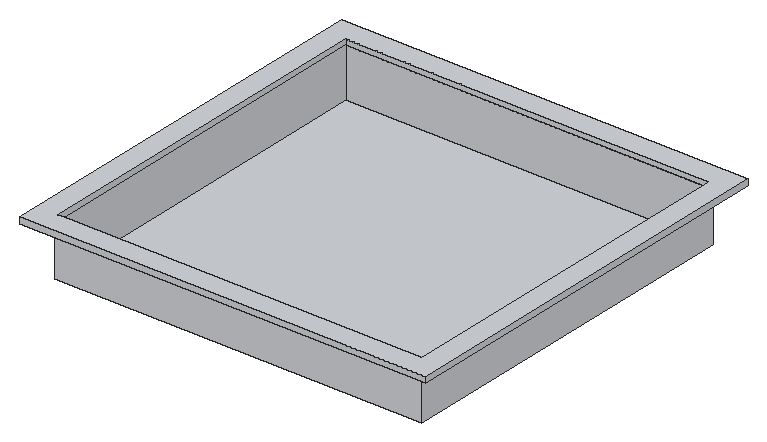
Revit family "Hager-FW-IP30-Without_Door-With_notch-vide-CH-fr", category Electrical Equipment, host Face, Revit 2020
Family settings
  Host = Face
  Panel Configuration = Two Columns, Circuits Across
  Round Connector Dimension = Use Diameter
  Part Type = Panelboard
  Cut with Voids When Loaded = No
  Shared = No
  Room Calculation Point = No
Parameters (values of type "Encastré IP30 L853 H853 P125 0 Modules - FWU53L")
  Width Control [instance] = if([HG000006 - Encastré], if([EF000846 - largeur d'encastrement] > min_whd, [EF000846 - largeur d'encastrement], min_whd), if([EF000008 - largeur] > min_whd, ([EF000008 - largeur]), min_whd))  # 810 mm
  Void Depth [instance] = if([HG000006 - Encastré], Depth Control, 1 mm)  # 112 mm
  Type Comments = [HG000003 - Gamme]  # "FW"
  System Height [instance] = Height Control - 2 * [HG000005 - Epaisseur]  # 796 mm
  Model = [HG000004 - Référence fabricant]  # "FWU53L"
  HG000017 - Distance entre pôles = 18 mm
  HG000016 - Visibilité de la porte 3D [instance] = yes
  HG000015 - Visibilité de l'emprise de la porte [instance] = no
  HG000014 - Porte à droite [instance] = yes
  HG000013 - Porte à gauche [instance] = not([HG000014 - Porte à droite])  # no
  HG000012 - Angle de pivotement de la porte [instance] = 45.00°
  HG000011 - Rangées du bas vides = no
  HG000010 - Portes asymétriques = no
  HG000009 - Porte à double battant = no
  HG000008 - Nombre de rangées vides = 0
  HG000007 - Nombre de colonnes vides = 0
  HG000006 - Encastré = yes
  HG000005 - Epaisseur = 3 mm  # constant formula
  HG000004 - Référence fabricant = "FWU53L"
  HG000003 - Gamme = "FW"
  HG000002 - avec porte = no
  HG000001 - nombre de colonnes = 0
  EF015941 - porte pour transmission du signal = no
  EF015777 - borne à conducteur neutre = no
  EF015776 - borne de mise à la terre = no
  EF009212 - finition du couvercle = "EV009916 - avec échancrure"
  EF006306 - avec serrure = no
  EF006244 - couvercle/porte transparent(e) = yes
  EF005474 - indice de protection (IP) = "EV006410 - IP30"
  EF004462 - type de fermeture = "EV000154 - autre"
  EF002950 - largeur en nombre de modules = 0
  EF001596 - matériau du boîtier/corps = "EV000179 - acier"
  EF001134 - rail DIN = yes
  EF001131 - profondeur intérieure = 112 mm
  EF001088 - possibilité de montage en saillie = yes
  EF001062 - finition CEM = no
  EF000846 - largeur d'encastrement = 810 mm
  EF000339 - type de capot = "EV000494 - sans"
  EF000332 - hauteur d'encastrement = 802 mm
  EF000266 - nombre de rangées = 0
  EF000218 - profondeur d'encastrement = 112 mm
  EF000118 - avec cadre/support de montage = no
  EF000116 - numéro RAL = ""
  EF000049 - profondeur = 125 mm
  EF000040 - hauteur = 853 mm
  EF000008 - largeur = 853 mm
  EF000007 - couleur = "EV000202 - blanc"
  EF000003 - mode de pose = "EV000128 - mur creux"
  Arrow Offset [instance] = Depth Control / 8  # 14 mm
  Arrow Height [instance] = Depth Control - Arrow Offset  # 98 mm
  Host Offset [instance] = if([HG000006 - Encastré], 0 mm, [EF000049 - profondeur])  # 0 mm
  min_whd [instance] = (2 * [HG000005 - Epaisseur]) + 1 mm  # 7 mm
  Manufacturer = "Hager"  # constant formula
  Height Control [instance] = if([HG000006 - Encastré], if([EF000332 - hauteur d'encastrement] > min_whd, [EF000332 - hauteur d'encastrement], min_whd), if([EF000040 - hauteur] > min_whd, ([EF000040 - hauteur]), min_whd))  # 802 mm
  Flush Mounted - Door Frame Width [instance] = if(([EF000040 - hauteur] - [EF000332 - hauteur d'encastrement]) > 0 mm, if([HG000006 - Encastré], [EF000040 - hauteur] - [EF000332 - hauteur d'encastrement], 0 mm), 0 mm)  # 51 mm
  Depth Control [instance] = if([HG000006 - Encastré], if([EF000218 - profondeur d'encastrement] > 0 mm, [EF000218 - profondeur d'encastrement], 1 mm), if([EF000049 - profondeur] > 0 mm, ([EF000049 - profondeur]), 1 mm))  # 112 mm
  Default Elevation = 0 mm
Types (16, lengths in mm): name | Width Control | System Height | Model | HG000004 - Référence fabricant | EF000846 - largeur d'encastrement | EF000332 - hauteur d'encastrement | EF000040 - hauteur | EF000008 - largeur | Height Control
  Encastré IP30 L353 H1003 P125 0 Modules - FWU61L | 310 | 946 | "FWU61L" | "FWU61L" | 310 | 952 | 1003 | 353 | 952
  Encastré IP30 L353 H1153 P125 0 Modules - FWU71L | 310 | 1096 | "FWU71L" | "FWU71L" | 310 | 1102 | 1153 | 353 | 1102
  Encastré IP30 L353 H1303 P125 0 Modules - FWU81L | 310 | 1246 | "FWU81L" | "FWU81L" | 310 | 1252 | 1303 | 353 | 1252
  Encastré IP30 L353 H553 P125 0 Modules - FWU31L | 310 | 496 | "FWU31L" | "FWU31L" | 310 | 502 | 553 | 353 | 502
  Encastré IP30 L353 H703 P125 0 Modules - FWU41L | 310 | 646 | "FWU41L" | "FWU41L" | 310 | 652 | 703 | 353 | 652
  Encastré IP30 L353 H853 P125 0 Modules - FWU51L | 310 | 796 | "FWU51L" | "FWU51L" | 310 | 802 | 853 | 353 | 802
  Encastré IP30 L603 H1003 P125 0 Modules - FWU62L | 560 | 946 | "FWU62L" | "FWU62L" | 560 | 952 | 1003 | 603 | 952
  Encastré IP30 L603 H1153 P125 0 Modules - FWU72L | 560 | 1096 | "FWU72L" | "FWU72L" | 560 | 1102 | 1153 | 603 | 1102
  Encastré IP30 L603 H553 P125 0 Modules - FWU32L | 560 | 496 | "FWU32L" | "FWU32L" | 560 | 502 | 553 | 603 | 502
  Encastré IP30 L603 H703 P125 0 Modules - FWU42L | 560 | 646 | "FWU42L" | "FWU42L" | 560 | 652 | 703 | 603 | 652
  Encastré IP30 L603 H853 P125 0 Modules - FWU52L | 560 | 796 | "FWU52L" | "FWU52L" | 560 | 802 | 853 | 603 | 802
  Encastré IP30 L853 H1003 P125 0 Modules - FWU63L | 810 | 946 | "FWU63L" | "FWU63L" | 810 | 952 | 1003 | 853 | 952
  Encastré IP30 L853 H1153 P125 0 Modules - FWU73L | 810 | 1096 | "FWU73L" | "FWU73L" | 810 | 1102 | 1153 | 853 | 1102
  Encastré IP30 L853 H553 P125 0 Modules - FWU33L | 810 | 496 | "FWU33L" | "FWU33L" | 810 | 502 | 553 | 853 | 502
  Encastré IP30 L853 H703 P125 0 Modules - FWU43L | 810 | 646 | "FWU43L" | "FWU43L" | 810 | 652 | 703 | 853 | 652
  Encastré IP30 L853 H853 P125 0 Modules - FWU53L | 810 | 796 | "FWU53L" | "FWU53L" | 810 | 802 | 853 | 853 | 802
Reference planes
  plane 1 "Center (Front/Back)": y = 0
  plane 2: z = 0
  plane 3 "Center (Left/Right)": x = 0
  plane 4: z = 0
  plane 5: y = 54
  plane 6: z = -5
  plane 7: y = 452
  plane 8: y = 51
  plane 9: y = 853
  plane 10: z = -112
  plane 11: x = -405
  plane 12: x = 405
  plane 13: x = 402
  plane 14: x = -402
  plane 15: y = 850
  plane 16: z = -109
  plane 17: z = -3
  plane 18: z = -112
  plane 19: z = -3
Forms (mm)
  Extrusion 1, solid
    sketch origin (-583.045, 51, 1219.2) x (-1, 0, 0) y (0, 0, 1)
      loop
        line (-178.045, -1219.2) -> (-988.045, -1219.2) -> (-988.045, -1331.2) -> (-178.045, -1331.2) -> (-178.045, -1219.2)
    from 0 to 802 <- "Height Control"
  Extrusion 2, void
    sketch origin (-381.607, -4572, 0) x (0, -1, 0) y (-1, 0, 0)
      loop
        line (-5422, 20.393) -> (-5422, -783.607) -> (-4626, -783.607) -> (-4626, 20.393) -> (-5422, 20.393)
    from 0 to 109
  Extrusion 3, void
    sketch origin (0, 0, 0) x (1, 0, 0) y (0, 1, 0)
      loop
        line (-405, 51) -> (405, 51) -> (405, 853) -> (-405, 853) -> (-405, 51)
    from -112 to 1
  Extrusion 4, solid, detail levels coarse+medium
    sketch origin (-381.607, -4572, 0) x (-1, 0, 0) y (0, -1, 0)
      loop
        line (20.393, -5422) -> (20.393, -4626) -> (-783.607, -4626) -> (-783.607, -5422) -> (20.393, -5422)
    from 0 to -3
Cuts and joins
  Extrusion 2 cuts Extrusion 1
Dimensions and locks
  plane 4 to plane 6 = 5 mm
  "Host Offset": plane 4 to host face
  "Flush Mounted - Door Frame Width": plane 1 "Center (Front/Back)" to plane 8
  "HG000005 - Epaisseur": plane 5 to plane 8
  locked: connector elem to plane 3 "Center (Left/Right)"
  "Height Control": plane 9 to plane 8
  equal spacing: plane 9, plane 7, plane 8
  locked: connector elem to plane 7
  "Depth Control": plane 4 to plane 10
  "HG000005 - Epaisseur": plane 11 to plane 14
  "HG000005 - Epaisseur": plane 12 to plane 13
  equal spacing: plane 11, plane 3 "Center (Left/Right)", plane 12
  "Width Control": plane 11 to plane 12
  "Arrow Offset": nested 4 to plane 10
  "HG000005 - Epaisseur": plane 9 to plane 15
  "HG000005 - Epaisseur": plane 16 to plane 10
  "HG000005 - Epaisseur": plane 4 to plane 17
  "Void Depth": plane 2 to plane 18
  "HG000005 - Epaisseur": plane 4 to plane 19
  aligned and locked: plane 2 to host face
  aligned and locked: level to host face
  aligned and locked: plane 3 "Center (Left/Right)" to nested 2
  aligned and locked: nested 2 to plane 4
  aligned and locked: nested 2 to plane 8
  aligned and locked: nested 1 to plane 6
  aligned and locked: nested 1 to plane 5
  aligned and locked: nested 4 to plane 11
  aligned and locked: nested 3 to plane 4
  aligned and locked: Extrusion 1 sketch curve to plane 12
  aligned and locked: Extrusion 1 sketch curve to plane 11
  aligned and locked: nested 3 to plane 10
  aligned and locked: plane 10 to Extrusion 1 sketch curve
  aligned and locked: Extrusion 2 sketch curve to plane 5
  aligned and locked: Extrusion 2 sketch curve to plane 15
  aligned and locked: Extrusion 2 sketch curve to plane 14
  aligned and locked: Extrusion 2 sketch curve to plane 13
  aligned and locked: plane 11 to Extrusion 3 sketch curve
  aligned and locked: plane 9 to Extrusion 3 sketch curve
  aligned and locked: Extrusion 3 sketch curve to plane 8
  aligned and locked: plane 12 to Extrusion 3 sketch curve
  aligned and locked: nested 3 to plane 12
  aligned and locked: Extrusion 3 to plane 18
  aligned and locked: Extrusion 2 to plane 16
  aligned and locked: Extrusion 1 sketch curve to plane 4
  aligned and locked: Extrusion 4 to plane 17
  aligned and locked: Extrusion 4 sketch curve to plane 15
  aligned and locked: Extrusion 4 sketch curve to plane 13
  aligned and locked: Extrusion 4 sketch curve to plane 14
  aligned and locked: Extrusion 4 sketch curve to plane 5
Automatic sketch dimensions
  host sketch curve to host sketch curve = 1469.727 mm
  host sketch curve to host sketch curve = 1434.803 mm
Nested families
  nested 1: "Hager_Enclosure_System" at (0, 54, -5) x (1, 0, 0) z (0, 1, 0), Depth <- "HG000005 - Epaisseur", Height <- "System Height", Width <- "EF000008 - largeur", Border <- "HG000005 - Epaisseur", Flush_Mounted <- "HG000006 - Encastré", Built-in_Width <- "EF000846 - largeur d'encastrement", Row_Module_Multiplicator <- "EF002950 - largeur en nombre de modules", Total_No_Empty_Rows <- "HG000008 - Nombre de rangées vides", Total_No_Rows <- "EF000266 - nombre de rangées", Empty_Columns <- "HG000007 - Nombre de colonnes vides", Width_Control <- "Width Control", Empty_Rows_From_Bottom <- "HG000011 - Rangées du bas vides", Distance_Between_Poles <- "HG000017 - Distance entre pôles", Rows_Count <- "EF000266 - nombre de rangées", Columns_Count <- "HG000001 - nombre de colonnes", type "Hager_Enclosure_System", detail levels fine
    with Width_Control 810 mm, Width 853 mm, Total_No_Rows 0, Total_No_Empty_Rows 0, Total_No_Columns 1, System_Width 804 mm, Rows_Count 0, Rows_Column 0, Row_Module_Multiplicator 0, Panel_4 no, Panel_3 no, Panel_2 no, Panel_1 no, No_Panels_Ctrl 1, Hide_Columns yes, Height 796 mm, Flush_Mounted yes, Empty_Rows_From_Bottom no, Empty_Rows_Column 0, Empty_Columns 0, Distance_Between_Poles 18 mm, Depth 3 mm, Columns_Count 0, Column_Width 804 mm, Built-in_Width 810 mm, Border 3 mm
  nested 2: "Hager_Enclosure_Door" at (0, 51, 0) x (1, 0, 0) z (0, 1, 0), Border <- "HG000005 - Epaisseur", Door_Right <- "HG000014 - Porte à droite", Flush_Mounted <- "HG000006 - Encastré", Depth <- "EF000049 - profondeur", Width <- "EF000008 - largeur", Door_Left <- "HG000013 - Porte à gauche", 3d_Door <- "HG000016 - Visibilité de la porte 3D", BuiltIn_Width <- "EF000846 - largeur d'encastrement", BuiltIn_Height <- "EF000332 - hauteur d'encastrement", BuiltIn_Depth <- "EF000218 - profondeur d'encastrement", Angle <- "HG000012 - Angle de pivotement de la porte", Assymetrical <- "HG000010 - Portes asymétriques", Double <- "HG000009 - Porte à double battant", Clearance <- "HG000015 - Visibilité de l'emprise de la porte", Transparent <- "EF006244 - couvercle/porte transparent(e)", Door <- "HG000002 - avec porte", Height_Ctrl <- "Height Control", Width_Ctrl <- "Width Control", Height <- "EF000040 - hauteur", type "Hager_Enclosure_Door", detail levels medium+fine
    with min_wh 7 mm, Width_Ctrl 810 mm, Width 853 mm, Transparent_Door_No_Bottom_Border no, Transparent yes, Leaf_Width 801 mm, Leaf_Tolerance 1.5 mm, Leaf_Height 793 mm, Leaf_2_Width 801 mm, Leaf_2_Offset 400.5 mm, Leaf_1_Width 801 mm, Leaf_1_Offset 400.5 mm, Height_Ctrl 802 mm, Height 853 mm, Frame_Width_Ctrl 43 mm, Frame_Width 43 mm, Frame_Internal_Offset 3 mm, Frame_Height_Ctrl 51 mm, Frame_Height 51 mm, Frame_Depth_Ctrl 13 mm, Frame_Depth 13 mm, Flush_Mounted yes, Double_Clearance_Ctrl no, Double no, Door_Right_Ctrl no, Door_Right yes, Door_Left_Ctrl no, Door_Left no, Door no, Depth 125 mm, Clearance_Depth 801 mm, Clearance_Ctrl no, Clearance no, BuiltIn_Width 810 mm, BuiltIn_Height 802 mm, BuiltIn_Depth 112 mm, Border 3 mm, Assymetrical no, Angle 45.00°, 3d_Door yes
  nested 3: "Hager_Enclosure_Symbol_Triangle" at (-405, 0, -112) x (1, 0, 0) z (0, -1, 0), Depth <- "Depth Control", Width <- "Width Control", type "Hager_Enclosure_Symbol_Triangle"
    with Width_Ctrl 810 mm, Width 810 mm, Depth_Ctrl 112 mm, Depth 112 mm
  nested 4: "Hager_Enclosure_Symbol_Arrow" at (-405, 0, -98) x (1, 0, 0) z (0, -1, 0), Height <- "Arrow Height", type "Hager_Enclosure_Symbol_Arrow"
    with Width_Inside 7.35 mm, Width 88.2 mm, Height_Ctrl 98 mm, Height 98 mm
Connectors
  electrical at (0, 452, -112)
    settings: on plane 10, index 1, voltage 0 V, apparent load 0 VA, apparent load phase1 0 VA, apparent load phase2 0 VA, apparent load phase3 0 VA, power factor 1, load classification "Other", number of poles 1, system type 30, power factor state 1, is connector primary yes, connector utility no, sub classification motor no, connector description ""
Definition of nested family "Hager_Enclosure_Door"
  Parameters (values of type "Hager_Enclosure_Door")
    min_wh [instance] = (2 * Border) + 1 mm  # 11 mm
    Width_Ctrl [instance] = 400 mm
    Width [instance] = 500 mm
    Transparent_Door_No_Bottom_Border [instance] = no
    Transparent [instance] = yes
    Leaf_Width [instance] = if((Width_Ctrl - 2 * Border - 2 * Leaf_Tolerance) > 0 mm, (Width_Ctrl - 2 * Border - 2 * Leaf_Tolerance), min_wh)  # 387 mm
    Leaf_Tolerance [instance] = 1.5 mm  # constant formula
    Leaf_Height [instance] = if((Height_Ctrl - 2 * Border - 2 * Leaf_Tolerance) > 0 mm, (Height_Ctrl - 2 * Border - 2 * Leaf_Tolerance), min_wh)  # 387 mm
    Leaf_2_Width [instance] = if(and(and(Double, Assymetrical), Door_Left), (Leaf_Width / 3) - (Leaf_Tolerance / 2), if(and(and(Double, Assymetrical), Door_Right), (Leaf_Width / 3) * 2 - (Leaf_Tolerance / 2), if(and(Double, not(Assymetrical)), (Leaf_Width / 2) - Leaf_Tolerance, Leaf_Width)))  # 387 mm
    Leaf_2_Offset [instance] = if(and(Double, Assymetrical), Leaf_2_Width / 2, if(and(Double, not(Assymetrical)), Leaf_Width / 4, Leaf_Width / 2))  # 193.5 mm
    Leaf_1_Width [instance] = if(and(and(Double, Assymetrical), Door_Right), (Leaf_Width / 3) - (Leaf_Tolerance / 2), if(and(and(Double, Assymetrical), Door_Left), (Width / 3) * 2 - (Leaf_Tolerance / 2), if(and(Double, not(Assymetrical)), (Leaf_Width / 2) - Leaf_Tolerance, Leaf_Width)))  # 387 mm
    Leaf_1_Offset [instance] = if(and(Double, Assymetrical), Leaf_1_Width / 2, if(and(Double, not(Assymetrical)), Leaf_Width / 4, Leaf_Width / 2))  # 193.5 mm
    Height_Ctrl [instance] = 400 mm
    Height [instance] = 500 mm
    Frame_Width_Ctrl [instance] = if(Frame_Width > 0 mm, Frame_Width, 1 mm)  # 1 mm
    Frame_Width [instance] = Width - BuiltIn_Width  # 0 mm
    Frame_Internal_Offset [instance] = if(Flush_Mounted, Border, 0 mm)  # 5 mm
    Frame_Height_Ctrl [instance] = if(Frame_Height > 0 mm, Frame_Height, 1 mm)  # 1 mm
    Frame_Height [instance] = Height - BuiltIn_Height  # 0 mm
    Frame_Depth_Ctrl [instance] = if(Frame_Depth > 0 mm, Frame_Depth, 1 mm)  # 1 mm
    Frame_Depth [instance] = if(Depth - BuiltIn_Depth > 0 mm, if(Flush_Mounted, Depth - BuiltIn_Depth, 0 mm), 0 mm)  # 0 mm
    Flush_Mounted [instance] = yes
    Double_Clearance_Ctrl [instance] = and(Double, Clearance)  # no
    Double [instance] = no
    Door_Right_Ctrl [instance] = and(or(Door_Right, Double), Door)  # yes
    Door_Right [instance] = yes
    Door_Left_Ctrl [instance] = and(or(Door_Left, Double), Door)  # no
    Door_Left [instance] = no
    Door [instance] = yes
    Depth [instance] = 500 mm
    Default Elevation = 1219.2 mm
    Clearance_Material = none
    Clearance_Depth [instance] = if(Leaf_1_Width > Leaf_2_Width, Leaf_1_Width, Leaf_2_Width)  # 387 mm
    Clearance_Ctrl [instance] = and(not(Double), Clearance)  # yes
    Clearance [instance] = yes
    BuiltIn_Width [instance] = 500 mm
    BuiltIn_Height [instance] = 500 mm
    BuiltIn_Depth [instance] = 500 mm
    Border [instance] = 5 mm
    Assymetrical [instance] = yes
    Angle [instance] = 30.00°
    3d_Door [instance] = yes
  Reference planes
    plane 1 "Center (Front/Back)": y = 0
    plane 2 "Bottom": z = 0
    plane 3 "Center (Left/Right)": x = 0
    plane 4: z = 400
    plane 5: x = -200
    plane 6: x = 200
    plane 7: z = 395
    plane 8: x = -195
    plane 9: z = 5
    plane 10: x = 195
    plane 11: y = 0
    plane 12: z = 6.5
    plane 13: x = -582
    plane 14: y = -387
    plane 15: x = 582
    plane 16: x = 0
    plane 17: x = 0
    plane 18: x = -193.5
    plane 19: x = 193.5
    plane 20: z = 393.5
  Forms (mm)
    Extrusion 1, solid, visible <- "Flush_Mounted"
      sketch origin (0, 0, 0) x (1, 0, 0) y (0, 0, 1)
        loop
          line (195, 5) -> (195, 395) -> (-195, 395) -> (-195, 5) -> (195, 5)
        loop
          line (-201, 401) -> (-201, -1) -> (201, -1) -> (201, 401) -> (-201, 401)
      from 0 to 1 <- "Frame_Depth_Ctrl"
    Extrusion 2, solid, material <- "Clearance_Material", visible <- "Double_Clearance_Ctrl"
      sketch origin (1200, 0, 0) x (1, 0, 0) y (0, 0, -1)
        loop
          line (-1782, -393.5) -> (-618, -393.5) -> (-618, 0) -> (-1782, 0) -> (-1782, -393.5)
      from 0 to -387
  Dimensions and locks
    equal spacing: plane 5, plane 3 "Center (Left/Right)", plane 6
    "Width_Ctrl": plane 5 to plane 6
    "Border": plane 5 to plane 8
    "Border": plane 6 to plane 10
    "Border": plane 9 to level
    "Border": plane 4 to plane 7
    "Height_Ctrl": plane 4 to level
    "Leaf_Tolerance": plane 12 to plane 9
    "Frame_Depth": plane 11 to plane 1 "Center (Front/Back)"
    "Frame_Width_Ctrl": plane 5 to Extrusion 1 sketch curve
    "Frame_Width_Ctrl": plane 6 to Extrusion 1 sketch curve
    "Frame_Width_Ctrl": Extrusion 1 sketch curve to plane 4
    "Frame_Width_Ctrl": plane 2 "Bottom" to Extrusion 1 sketch curve
    "Leaf_1_Offset": plane 18 to plane 16
    "Leaf_2_Offset": plane 17 to plane 19
    "Leaf_1_Width": plane 13 to plane 8
    "Leaf_2_Width": plane 10 to plane 15
    "Clearance_Depth": plane 14 to plane 1 "Center (Front/Back)"
    "Leaf_Tolerance": plane 8 to plane 18
    "Leaf_Tolerance": plane 19 to plane 10
    "Leaf_Tolerance": plane 7 to plane 20
    "Frame_Internal_Offset": plane 5 to Extrusion 1 sketch curve
    "Frame_Internal_Offset": Extrusion 1 sketch curve to plane 2 "Bottom"
    "Frame_Internal_Offset": plane 6 to Extrusion 1 sketch curve
    "Frame_Internal_Offset": plane 4 to Extrusion 1 sketch curve
    aligned and locked: level to plane 2 "Bottom"
    aligned and locked: nested 1 to plane 16
    aligned and locked: nested 2 to plane 17
    aligned and locked: Extrusion 2 to plane 13
    aligned and locked: plane 15 to Extrusion 2
    aligned and locked: Extrusion 2 to plane 14
    aligned and locked: plane 12 to nested 1
    aligned and locked: nested 2 to plane 12
    aligned and locked: Extrusion 2 to plane 11
    aligned and locked: plane 20 to Extrusion 2
    aligned and locked: nested 2 to plane 11
    aligned and locked: nested 1 to plane 11
  Automatic sketch dimensions
    Extrusion 2 sketch curve to level = 0 mm
    plane 5 to Extrusion 2 sketch curve = 382 mm
    plane 6 to Extrusion 2 sketch curve = 382 mm
    Extrusion 2 sketch curve to plane 4 = 6.5 mm
  Nested families
    nested 1: "Hager_Enclosure_Door_Leaf" at (0, 0, 6.5), Width <- "Leaf_1_Width", visible <- "Door_Left_Ctrl", Leaf_Height <- "Leaf_Height", Angle <- "Angle", Depth <- "Border", 3d_Door <- "3d_Door", Transparent <- "Transparent", Clearance Material <- "Clearance_Material", Clearance <- "Clearance_Ctrl", Transparent_Door_No_Bottom_Border <- "Transparent_Door_No_Bottom_Border", type "Hager_Enclosure_Door_Leaf"
      with Width 387 mm, Transparent_Door_No_Bottom_Border no, Transparent_Door_Border_Bottom_Top 25 mm, Transparent_Door_Border 25 mm, Transparent_Ctrl yes, Transparent yes, Standard no, Leaf_Height 387 mm, Glass_Offset 1 mm, Depth 5 mm, Clearance Material none, Clearance yes, Angle_Ctrl 30.00°, Angle 30.00°, 3d_Door yes
    nested 2: "Hager_Enclosure_Door_Leaf" at (0, 0, 6.5) x (-1, 0, 0) z (0, 0, 1), Width <- "Leaf_2_Width", visible <- "Door_Right_Ctrl", Leaf_Height <- "Leaf_Height", Angle <- "Angle", Depth <- "Border", 3d_Door <- "3d_Door", Transparent <- "Transparent", Clearance Material <- "Clearance_Material", Clearance <- "Clearance_Ctrl", Transparent_Door_No_Bottom_Border <- "Transparent_Door_No_Bottom_Border", type "Hager_Enclosure_Door_Leaf"
      with Width 387 mm, Transparent_Door_No_Bottom_Border no, Transparent_Door_Border_Bottom_Top 25 mm, Transparent_Door_Border 25 mm, Transparent_Ctrl yes, Transparent yes, Standard no, Leaf_Height 387 mm, Glass_Offset 1 mm, Depth 5 mm, Clearance Material none, Clearance yes, Angle_Ctrl 30.00°, Angle 30.00°, 3d_Door yes
  Definition of nested family "Hager_Enclosure_Door_Leaf"
    Parameters (values of type "Hager_Enclosure_Door_Leaf")
      Width [instance] = 2000 mm
      Transparent_Door_No_Bottom_Border [instance] = yes
      Transparent_Door_Border_Bottom_Top [instance] = if(Transparent_Door_No_Bottom_Border, 0.1 mm, Transparent_Door_Border)  # 0.1 mm
      Transparent_Door_Border [instance] = if(Transparent_Door_No_Bottom_Border, (Width * 0.12), 25 mm)  # 240 mm
      Transparent_Ctrl [instance] = and(Transparent, [3d_Door])  # yes
      Transparent [instance] = yes
      Standard [instance] = and(not(Transparent), [3d_Door])  # no
      Leaf_Height [instance] = 2720.336 mm
      Glass_Offset [instance] = if((Depth - 10 mm) / 2 > 0 mm, (Depth - 10 mm) / 2, 1 mm)  # 15 mm
      Glass_Material = none
      Depth [instance] = 40 mm
      Default Elevation = 0 mm
      Clearance Material [instance] = none
      Clearance [instance] = yes
      Angle_Ctrl [instance] = if(Angle > 170.00°, 170.00°, Angle)  # 45.00°
      Angle [instance] = 45.00°
      3d_Door [instance] = yes
    Reference planes
      plane 1 "Center (Front/Back)": y = 0
      plane 2: z = 0
      plane 3 "Center (Left/Right)": x = 0
      plane 4: y = 2000
      plane 5: x = -1000
      plane 6: x = 1000
      plane 7: x = -3000
      plane 8: z = 2720.336
      plane 9: z = 0.1
      plane 10: z = 2720.236
      plane 11: x = 760
      plane 12: x = -760
    Forms (mm)
      Extrusion 1, solid, material <- "Clearance Material", visible <- "Clearance"
        sketch origin (0, 0, 0) x (1, 0, 0) y (0, 0, 1)
          loop
            line (-3000, 2720.336) -> (-3000, 0) -> (1000, 0) -> (1000, 2720.336) -> (-3000, 2720.336)
        from 0 to -2000
      Extrusion 2, solid, visible <- "Standard", detail levels medium+fine
        sketch origin (-1000, 0, 0) x (0.707107, 0.707107, 0) y (-0.707107, 0.707107, 0)
          loop
            line (0, -40) -> (2000, -40) -> (2000, 0) -> (0, 0) -> (0, -40)
        from 0 to 2720.336 <- "Leaf_Height"
      Extrusion 3, solid, visible <- "Transparent_Ctrl", detail levels medium+fine
        sketch origin (-1000, 0, 0) x (0.707107, 0.707107, 0) y (-0.707107, 0.707107, 0)
          loop
            line (0, -40) -> (2000, -40) -> (2000, 0) -> (0, 0) -> (0, -40)
        from 0 to 2720.336 <- "Leaf_Height"
      Extrusion 4, void, detail levels medium+fine
        sketch origin (-1000, 0, 0) x (-0.707107, 0.707107, 0) y (0.707107, 0.707107, 0)
          loop
            line (0, 240) -> (0, 1760) -> (-40, 1760) -> (-40, 240) -> (0, 240)
        from -2720.236 to -0.1
      Extrusion 5, solid, material <- "Glass_Material", visible <- "Transparent_Ctrl", detail levels medium+fine
        sketch origin (-1000, 0, 0) x (0.707107, 0.707107, 0) y (-0.707107, 0.707107, 0)
          loop
            line (240, -15) -> (240, -25) -> (1760, -25) -> (1760, -15) -> (240, -15)
        from 0.1 to 2720.236
    Cuts and joins
      Extrusion 4 cuts Extrusion 3
    Lines and regions (mm)
      symbolic lines
        curve 1: line (1000, 0, 0) -> (-3000, 0, 0)
        curve 2: arc (1000, 0, 0) -> (-1000, 2000, 0) -> (-3000, 0, 0) r 2000
        curve 4: line (-1000, 0, 0) -> (414.214, 1414.214, 0)
      reference lines
        curve 3: line (-1000, 0, 0) -> (414.214, 1414.214, 0)
      symbolic lines, detail levels medium+fine
        curve 5: line (414.214, 1414.214, 0) -> (442.498, 1385.929, 0)
        curve 6: line (442.498, 1385.929, 0) -> (-971.716, -28.284, 0)
        curve 7: line (-971.716, -28.284, 0) -> (-1000, 0, 0)
        curve 8: line (-1000, 0, 2720.336) -> (1000, 0, 2720.336)
        curve 9: line (-1000, 0, 0) -> (-1000, 0, 2720.336)
        curve 10: line (1000, 0, 0) -> (-1000, 0, 0)
        curve 11: line (1000, 0, 2720.336) -> (1000, 0, 0)
      symbolic lines, visible <- "Transparent_Ctrl", detail levels medium+fine
        curve 12: line (-760, 0, 2720.236) -> (760, 0, 2720.236)
        curve 13: line (-760, 0, 0.1) -> (-760, 0, 2720.236)
        curve 14: line (760, 0, 0.1) -> (-760, 0, 0.1)
        curve 15: line (760, 0, 2720.236) -> (760, 0, 0.1)
    Dimensions and locks
      "Width": plane 1 "Center (Front/Back)" to plane 4
      equal spacing: plane 5, plane 3 "Center (Left/Right)", plane 6
      "Width": plane 5 to plane 6
      "Width": plane 7 to plane 5
      "Leaf_Height": plane 8 to level
      "Depth": curve 6 to curve 3
      "Width": curve 5 to curve 3
      "Width": curve 3 to curve 3
      "Transparent_Door_Border": Extrusion 4 sketch curve to curve 7
      "Transparent_Door_Border": Extrusion 4 sketch curve to curve 5
      "Transparent_Door_Border_Bottom_Top": plane 8 to plane 10
      "Transparent_Door_Border_Bottom_Top": plane 9 to level
      "Glass_Offset": Extrusion 5 sketch curve to curve 4
      "Glass_Offset": Extrusion 5 sketch curve to curve 6
      "Transparent_Door_Border": Extrusion 5 sketch curve to curve 5
      "Transparent_Door_Border": Extrusion 5 sketch curve to curve 7
      "Transparent_Door_Border": plane 12 to plane 5
      "Transparent_Door_Border": plane 6 to plane 11
      "Angle_Ctrl": angle plane 1 "Center (Front/Back)" to curve 3
      aligned and locked: level to plane 2
      aligned and locked: Extrusion 1 to curve 1
      aligned and locked: plane 6 to Extrusion 1
      aligned and locked: Extrusion 1 to plane 1 "Center (Front/Back)"
      aligned and locked: plane 4 to Extrusion 1
      aligned and locked: plane 8 to Extrusion 1
      aligned and locked: curve 4 to curve 3
      aligned and locked: Extrusion 2 sketch curve to curve 7
      aligned and locked: Extrusion 2 sketch curve to curve 6
      aligned and locked: Extrusion 2 sketch curve to curve 5
      aligned and locked: Extrusion 2 sketch curve to curve 3
      aligned and locked: curve 7 to Extrusion 3 sketch curve
      aligned and locked: Extrusion 3 sketch curve to curve 4
      aligned and locked: Extrusion 3 sketch curve to curve 6
      aligned and locked: Extrusion 3 sketch curve to curve 5
      aligned and locked: curve 4 to Extrusion 4 sketch curve
      aligned and locked: curve 6 to Extrusion 4 sketch curve
      aligned and locked: Extrusion 4 to plane 9
      aligned and locked: Extrusion 4 to plane 10
      aligned and locked: Extrusion 5 to plane 9
      aligned and locked: Extrusion 5 to plane 10
      aligned and locked: curve 8 to plane 8
      aligned and locked: plane 5 to curve 9
      aligned and locked: plane 2 to curve 10
      aligned and locked: curve 11 to plane 6
      aligned and locked: plane 10 to curve 12
      aligned and locked: plane 12 to curve 13
      aligned and locked: curve 14 to plane 9
      aligned and locked: plane 11 to curve 15
    Automatic sketch dimensions
      plane 1 "Center (Front/Back)" to curve 2 = 0 mm
      curve 2 to plane 5 = 0 mm
      Extrusion 1 sketch curve to level = 0 mm
      Extrusion 1 sketch curve to plane 7 = 0 mm
      Extrusion 1 sketch curve to plane 6 = 0 mm
      Extrusion 1 sketch curve to plane 8 = 0 mm
      plane 1 "Center (Front/Back)" to curve 3 = 0 mm
      curve 3 to plane 5 = 0 mm
      curve 7 to curve 3 = 0 mm
Definition of nested family "Hager_Enclosure_Symbol_Triangle"
  Parameters (values of type "Hager_Enclosure_Symbol_Triangle")
    Width_Ctrl [instance] = if(Width > 1 mm, Width, 1 mm)  # 498 mm
    Width [instance] = 498 mm
    Depth_Ctrl [instance] = if(Depth > 1 mm, Depth, 1 mm)  # 72 mm
    Depth [instance] = 72 mm
  Reference planes
    plane 1 "Centre (avant/arrière)": y = 0
    plane 2: z = 0
    plane 3 "Centre (gauche/droite)": x = 0
  Lines and regions (mm)
    Filled region 1, type "Solid_Black", in view "Niveau de réf."
      outline origin (0, 0, 0) x (1, 0, 0) y (0, 1, 0)
        loop
          line (0, 0) -> (498, 0) -> (498, 72) -> (0, 0)
    reference lines, in view "Niveau de réf."
      curve 1: line (-206.153, 72, 0) -> (1083.258, 72, 0)
      curve 2: line (498, 405.456, 0) -> (498, -517.619, 0)
  Dimensions and locks
    "Depth_Ctrl": plane 1 "Centre (avant/arrière)" to curve 1
    "Width_Ctrl": plane 3 "Centre (gauche/droite)" to curve 2
    aligned and locked: curve 1 to Filled region 1 sketch curve
    aligned and locked: Filled region 1 sketch curve to plane 1 "Centre (avant/arrière)"
    aligned and locked: curve 2 to Filled region 1 sketch curve
    aligned and locked: plane 3 "Centre (gauche/droite)" to Filled region 1 sketch curve
    aligned and locked: plane 1 "Centre (avant/arrière)" to Filled region 1 sketch curve
  Automatic sketch dimensions
    curve 1 to plane 3 "Centre (gauche/droite)" = 206.153 mm
    curve 2 to curve 1 = 585.258 mm
    plane 1 "Centre (avant/arrière)" to curve 2 = 517.619 mm
    curve 2 to plane 1 "Centre (avant/arrière)" = 405.456 mm
Definition of nested family "Hager_Enclosure_Symbol_Arrow"
  Parameters (values of type "Hager_Enclosure_Symbol_Arrow")
    Width_Inside [instance] = if(Width / 12 > 2 mm, Width / 12, 2 mm)  # 4.987 mm
    Width [instance] = if(Height_Ctrl * 0.9 > 2 mm, Height_Ctrl * 0.9, 2 mm)  # 59.85 mm
    Height_Ctrl [instance] = if(Height > 2 mm, Height, 2 mm)  # 66.5 mm
    Height [instance] = 66.5 mm
  Reference planes
    plane 1 "Centre (avant/arrière)": y = 0
    plane 2: z = 0
    plane 3 "Centre (gauche/droite)": x = 0
    plane 4: x = 59.85
    plane 5: y = 28.263
    plane 6: y = 38.238
    plane 7: y = 66.5
    plane 8: x = 29.925
    plane 9: y = 33.25
  Lines and regions (mm)
    Filled region 1, type "Solid_Black", in view "Niveau de réf."
      outline origin (0, 0, 0) x (1, 0, 0) y (0, 1, 0)
        loop
          line (59.85, 66.5) -> (37.929, 52.827) -> (51.846, 41.935) -> (59.85, 66.5)
    detail lines, in view "Niveau de réf."
      curve 1: line (0, 0, 0) -> (29.925, 38.238, 0)
      curve 2: line (29.925, 38.238, 0) -> (29.925, 28.263, 0)
      curve 3: line (29.925, 28.263, 0) -> (59.85, 66.5, 0)
  Dimensions and locks
    "Width": plane 3 "Centre (gauche/droite)" to plane 4
    "Height_Ctrl": plane 7 to plane 1 "Centre (avant/arrière)"
    equal spacing: plane 3 "Centre (gauche/droite)", plane 8, plane 4
    equal spacing: plane 7, plane 9, plane 1 "Centre (avant/arrière)"
    equal spacing: plane 6, plane 9, plane 5
    "Width_Inside": plane 6 to plane 9
    equal spacing: curve 3, Filled region 1 sketch curve, Filled region 1 sketch curve
    angle Filled region 1 sketch curve to curve 3 = 20.00°
    angle curve 3 to Filled region 1 sketch curve = 20.00°
    locked: curve 3 to Filled region 1 sketch curve (angle 90.00°)
  Automatic sketch dimensions
    plane 1 "Centre (avant/arrière)" to curve 1 = 0 mm
    curve 1 to plane 3 "Centre (gauche/droite)" = 0 mm
    curve 2 to plane 6 = 0 mm
    curve 3 to plane 8 = 0 mm
    curve 3 to plane 4 = 0 mm
    curve 2 to plane 5 = 0 mm
    curve 3 to plane 7 = 0 mm
    Filled region 1 sketch curve to plane 4 = 0 mm
    Filled region 1 sketch curve to plane 7 = 0 mm
